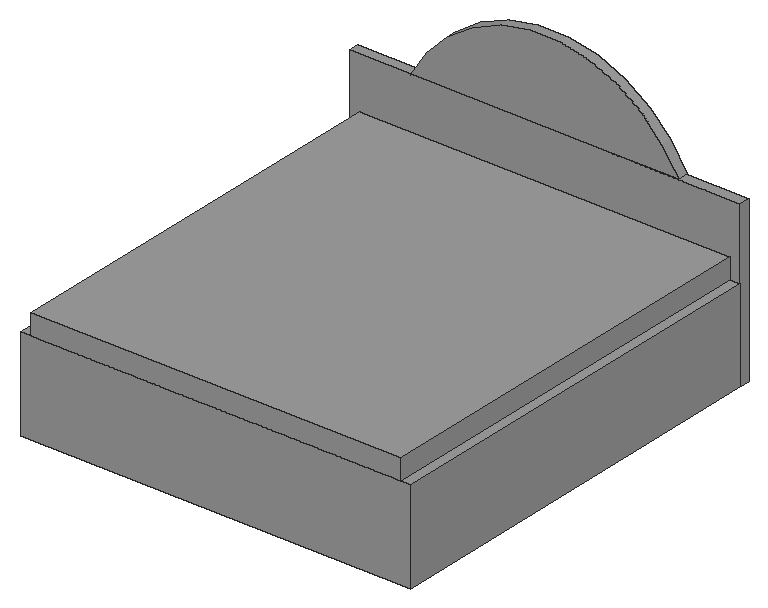
Revit family "Bed", category 家具, Revit 2025
Family settings
  OmniClass 编号 = 23.40.20.00
  OmniClass 标题 = General Furniture and Specialties
  基于工作平面 = 否
  视图中启用分割 = 否
  总是垂直 = 是
  载入时剪切的空心 = 否
  渲染外观源 = 族几何图形
  共享 = 否
  房间计算点 = 否
Parameters (values of type "Only_Bed")
  默认高程 = 0 mm
  TwoCabinets = no
Types (3, lengths in mm): name | TwoCabinets
  (no name) | no
  TwoCabs_Bed | yes
  Only_Bed | no
Reference planes
  plane 1 "中心(前/后)": y = 0
  plane 2: z = 0
  plane 3 "中心(左/右)": x = 0
  plane 4: x = 950
  plane 5: x = -950
  plane 6: y = 1000
  plane 7: y = -1000
  plane 8: x = -900
  plane 9: x = 900
  plane 10: y = 1050
  plane 11: z = 1200
  plane 12: x = -650
  plane 13: x = 650
Forms (mm)
  Extrusion 1, solid, material "默认墙"
    sketch origin (0, 0, 0) x (1, 0, 0) y (0, 1, 0)
      loop
        line (-950, 1000) -> (-950, -1000) -> (950, -1000) -> (950, 1000) -> (-950, 1000)
    from 0 to 450
  Extrusion 2, solid, material "默认墙"
    sketch origin (0, 0, 0) x (1, 0, 0) y (0, 1, 0)
      loop
        line (-900, 1000) -> (-900, -1000) -> (900, -1000) -> (900, 1000) -> (-900, 1000)
    from 450 to 550
  Extrusion 3, solid, material "默认墙"
    sketch origin (0, 0, 0) x (1, 0, 0) y (0, 1, 0)
      loop
        line (-950, 1050) -> (-950, 1000) -> (950, 1000) -> (950, 1050) -> (-950, 1050)
    from 0 to 800
  Extrusion 4, solid, material "默认墙"
    sketch origin (0, 0, 0) x (1, 0, 0) y (0, 0, 1)
      loop
        line (-650, 800) -> (650, 800)
        arc (650, 800) -> (0, 1200) -> (-650, 800) r 728.125
    from -1000 to -1050
Dimensions and locks
  aligned and locked: level to plane 2
Nested families
  nested 1: "Cabinet" at (-1270, 860, 0), visible <- "TwoCabinets", type "Cabinet"
  nested 2: "Cabinet" at (1270, 860, 0), visible <- "TwoCabinets", type "Cabinet"
Definition of nested family "Cabinet"
  Parameters
    Default Elevation = 0 mm
  Reference planes
    plane 1 "中心(前/后)": y = 0
    plane 2: z = 0
    plane 3 "中心(左/右)": x = 0
    plane 4: x = 270
    plane 5: x = -270
    plane 6: y = 197
    plane 7: y = -197
    plane 8: x = -320
    plane 9: x = 320
    plane 10: y = -247
  Forms (mm)
    Extrusion 1, solid
      sketch origin (0, 0, 0) x (1, 0, 0) y (0, 1, 0)
        loop
          line (-270, 197) -> (-270, -197) -> (270, -197) -> (270, 197) -> (-270, 197)
      from 0 to 600
    Extrusion 2, solid
      sketch origin (0, 0, 0) x (1, 0, 0) y (0, 1, 0)
        loop
          line (-320, 197) -> (-320, -247) -> (-270, -247) -> (-270, 197) -> (-320, 197)
        loop
          line (270, 197) -> (270, -247) -> (320, -247) -> (320, 197) -> (270, 197)
      from 0 to 650
  Dimensions and locks
    aligned and locked: level to plane 2
